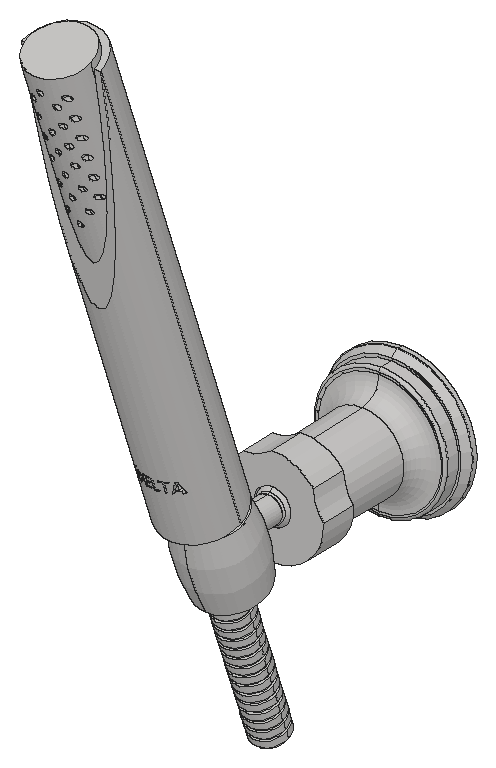
Revit family "Delta Bath Trinsic 55085", category Plumbing Fixtures, host Wall, Revit 2013
Parameters (values of type "Delta Bath Trinsic 55085")
  URL = "http://www.deltafaucet.com "
  Tap = Stainless Steel
  Model = "55085"
  Manufacturer = "Delta"
Reference planes (in)
  plane 1: y = 0
  plane 2 "Center (Left/Right)": x = 0
  plane 3 "Wall Edge": y = 3
Text (in)
  text "Placement Side" at (0, 40.15149, 123.01588), in view "Right"
  text "Placement Side" at (-70.3804, 28.46503, 0), in view "Ref. Level"
  text "Placement Side" at (0, 81.62555, 140.59947), in view "Left"
Dimensions and locks (in)
  locked: plane 3 "Wall Edge" to host wall
  aligned and locked: host wall to nested 1
Nested families (in)
  nested 1: "Delta Bath Trinsic 55085" at (-10.0596, -5.40551, 14.6087), type "Delta Bath Trinsic 55085"
Connectors (in)
  piping at (0, -3, 14.6087)
    settings: on nested 1, index 1, connector radius 12", flow factor 0, pipe flow 0 GPM, pressure drop 0.00 psi, fitting loss kfactor 0, connector angle 0.00°, fixture units 0, engagement length 0' - 0", flow configuration 0, flow direction 0, fitting loss method 0, system type 19, joint type 0, gender type 0, connector reference index -1, connector utility 0, adjustable connector no, is connector primary yes, fitting loss table "", connector description ""
Definition of nested family "Delta Bath Trinsic 55085"
  Parameters (values of type "Delta Bath Trinsic 55085")
    URL = "http://www.deltafaucet.com "
    Tap = Stainless Steel
    Model = "55085"
    Manufacturer = "Delta"
    Logo = none
  Reference planes (in)
    plane 1 "Center (Front/Back)": y = 0
    plane 2: z = 0
    plane 3 "Center (Left/Right)": x = 0
  Forms (in)
    Sweep 1, solid, material "Stainless Steel" <- "Tap"
      path origin (10.03937, -33.30454, -19.49842) x (0, 0.984648, -0.174554) y (0, 0.174554, 0.984648)
        loop
          line (27.96387, 25.33209) -> (24.06673, 32.08213)
      profile origin (10.03937, -2.67769, 4.22689) x (0, -0.940007, -0.341156) y (1, 0, 0)
        loop
          circle (0, 0.00895) r 0.47244
    Sweep 2, solid, material "Stainless Steel" <- "Tap"
      path origin (10.03937, -33.29947, -19.49658) x (0, 0.984648, -0.174554) y (0, 0.174554, 0.984648)
        loop
          line (27.96387, 25.33209) -> (24.12529, 31.98071)
      profile origin (10.03937, -2.65264, 4.17369) x (0, -0.940007, -0.341156) y (1, 0, 0)
        loop
          circle (0, 0) r 0.59055
    Extrusion 3, void
      sketch origin (0, -11.98124, 1.55869) x (0, 0.984648, -0.174554) y (0, 0.174554, 0.984648)
        loop
          line (6.80963, 7.5275) -> (6.27626, 7.21956) -> (8.22053, 3.85199) -> (6.80963, 7.5275)
      from 9.38005 to 10.72254
    Extrusion 4, void
      sketch origin (0, -1.5373, -0.53017) x (1, 0, 0) y (0, 0.174554, 0.984648)
        loop
          circle (9.727, 7.38575) r 0.0493
      from 3.94617 to 4.11832
    Extrusion 5, void
      sketch origin (0.31598, -1.5373, -0.53017) x (1, 0, 0) y (0, 0.174554, 0.984648)
        loop
          circle (9.727, 7.38575) r 0.0493
      from 3.94617 to 4.27092
    Extrusion 6, void
      sketch origin (20.07846, -1.5373, -0.53017) x (-1, 0, 0) y (0, -0.174554, -0.984648)
        loop
          circle (9.727, -7.38575) r 0.0493
      from 3.94617 to 4.11832
    Extrusion 7, void
      sketch origin (0.13752, -1.5633, -0.67683) x (1, 0, 0) y (0, 0.174554, 0.984648)
        loop
          circle (9.727, 7.38575) r 0.0493
      from 3.94617 to 4.11832
    Extrusion 8, void
      sketch origin (-0.01379, -1.58757, -0.8137) x (1, 0, 0) y (0, 0.174554, 0.984648)
        loop
          circle (9.727, 7.38575) r 0.0493
      from 3.7609 to 3.91717
    Extrusion 9, void
      sketch origin (19.94845, -1.5633, -0.67683) x (-1, 0, 0) y (0, -0.174554, -0.984648)
        loop
          circle (9.727, -7.38575) r 0.0493
      from 3.94617 to 4.11832
    Extrusion 10, void
      sketch origin (0.63827, -1.58757, -0.8137) x (1, 0, 0) y (0, 0.174554, 0.984648)
        loop
          circle (9.727, 7.38575) r 0.0493
      from 3.7609 to 3.99066
    Extrusion 11, void
      sketch origin (19.94845, 0.96625, 13.59222) x (-1, 0, 0) y (0, -0.174554, -0.984648)
        loop
          circle (9.727, 7.38575) r 0.0493
      from 3.82247 to 3.99066
    Extrusion 12, void
      sketch origin (0.13752, 0.96625, 13.59222) x (1, 0, 0) y (0, 0.174554, 0.984648)
        loop
          circle (9.727, -7.38575) r 0.0493
      from 3.82247 to 3.99066
    Extrusion 13, void
      sketch origin (0.31598, 0.94025, 13.44556) x (1, 0, 0) y (0, 0.174554, 0.984648)
        loop
          circle (9.727, -7.38575) r 0.0493
      from 3.7609 to 3.94617
    Extrusion 14, void
      sketch origin (19.94845, -1.66418, -1.24586) x (-1, 0, 0) y (0, -0.174554, -0.984648)
        loop
          circle (9.727, -7.38575) r 0.0493
      from 3.66513 to 3.82247
    Extrusion 15, void
      sketch origin (0.63827, 0.88964, 13.16006) x (1, 0, 0) y (0, 0.174554, 0.984648)
        loop
          circle (9.727, -7.38575) r 0.0493
      from 3.47176 to 3.7609
    Extrusion 16, void
      sketch origin (0.13752, -1.66418, -1.24586) x (1, 0, 0) y (0, 0.174554, 0.984648)
        loop
          circle (9.727, 7.38575) r 0.0493
      from 3.66513 to 3.82247
    Extrusion 17, void
      sketch origin (19.4477, 0.88105, 13.1116) x (-1, 0, 0) y (0, -0.174554, -0.984648)
        loop
          circle (9.727, 7.38575) r 0.0493
      from 3.41032 to 3.7609
    Extrusion 18, void
      sketch origin (-0.01379, -1.63801, -1.09821) x (1, 0, 0) y (0, 0.174554, 0.984648)
        loop
          circle (9.727, 7.38575) r 0.0493
      from 3.62028 to 3.7609
    Extrusion 19, void
      sketch origin (0.64183, -1.63801, -1.09821) x (1, 0, 0) y (0, 0.174554, 0.984648)
        loop
          circle (9.727, 7.38575) r 0.0493
      from 3.62028 to 3.7609
    Extrusion 20, void
      sketch origin (0.31598, 0.88981, 13.16104) x (1, 0, 0) y (0, 0.174554, 0.984648)
        loop
          circle (9.727, -7.38575) r 0.0493
      from 3.62028 to 3.82247
    Extrusion 21, void
      sketch origin (19.94845, -1.71462, -1.53038) x (-1, 0, 0) y (0, -0.174554, -0.984648)
        loop
          circle (9.727, -7.38575) r 0.0493
      from 3.47176 to 3.66513
    Extrusion 22, void
      sketch origin (0.63827, 0.8392, 12.87554) x (1, 0, 0) y (0, 0.174554, 0.984648)
        loop
          circle (9.727, -7.38575) r 0.0493
      from 3.29107 to 3.47176
    Extrusion 23, void
      sketch origin (0.13752, -1.71891, -1.5546) x (1, 0, 0) y (0, 0.174554, 0.984648)
        loop
          circle (9.727, 7.38575) r 0.0493
      from 3.47176 to 3.64454
    Extrusion 24, void
      sketch origin (0.31598, 0.83079, 12.82807) x (1, 0, 0) y (0, 0.174554, 0.984648)
        loop
          circle (9.727, -7.38575) r 0.0493
      from 3.44453 to 3.59626
    Extrusion 25, void
      sketch origin (19.94845, -1.77365, -1.86335) x (-1, 0, 0) y (0, -0.174554, -0.984648)
        loop
          circle (9.727, -7.38575) r 0.0493
      from 3.29107 to 3.47176
    Extrusion 26, void
      sketch origin (0.63827, 0.78876, 12.59103) x (1, 0, 0) y (0, 0.174554, 0.984648)
        loop
          circle (9.727, -7.38575) r 0.0493
      from 3.1124 to 3.31448
    Extrusion 27, void
      sketch origin (19.4477, 0.82202, 12.77863) x (-1, 0, 0) y (0, -0.174554, -0.984648)
        loop
          circle (9.727, 7.38575) r 0.0493
      from 3.23426 to 3.40243
    Extrusion 28, void
      sketch origin (0.13752, -1.78224, -1.91181) x (1, 0, 0) y (0, 0.174554, 0.984648)
        loop
          circle (9.727, 7.38575) r 0.0493
      from 3.27165 to 3.42202
    Extrusion 29, void
      sketch origin (0.31598, 0.77176, 12.4951) x (1, 0, 0) y (0, 0.174554, 0.984648)
        loop
          circle (9.727, -7.38575) r 0.0493
      from 3.22197 to 3.35623
    Extrusion 30, void
      sketch origin (19.94845, -1.83267, -2.19632) x (-1, 0, 0) y (0, -0.174554, -0.984648)
        loop
          circle (9.727, -7.38575) r 0.0493
      from 3.09677 to 3.29107
    Extrusion 31, void
      sketch origin (0.31598, 0.70304, 12.10744) x (1, 0, 0) y (0, 0.174554, 0.984648)
        loop
          circle (9.727, -7.38575) r 0.0493
      from 3.00021 to 3.13216
    Extrusion 32, void
      sketch origin (0.13752, -1.85004, -2.29431) x (1, 0, 0) y (0, 0.174554, 0.984648)
        loop
          circle (9.727, 7.38575) r 0.0493
      from 3.19647 to 3.05159
    Revolve 33, solid, material "Stainless Steel" <- "Tap"
      sketch origin (10.0596, 2.40551, -1.1122) x (0, 1, 0) y (0, 0, 1)
        loop
          line (-0.07874, 1.1122) -> (0, 1.1122) -> (0, 2.22441) -> (-0.07874, 2.22441) -> (-0.07874, 1.1122)
        axis (0, 1.1122) -> (-0.07874, 1.1122)
      angle from 0 to 360
    Revolve 34, solid, material "Stainless Steel" <- "Tap"
      sketch origin (10.0596, 2.40551, -1.1122) x (0, 1, 0) y (0, 0, 1)
        loop
          line (-0.19685, 1.1122) -> (-0.07874, 1.1122) -> (-0.07874, 2.22441) -> (-0.19685, 2.15157) -> (-0.19685, 1.1122)
        axis (-0.07874, 1.1122) -> (-0.19685, 1.1122)
      angle from 0 to 360
    Revolve 35, solid, material "Stainless Steel" <- "Tap"
      sketch origin (10.0596, 2.40551, -1.1122) x (0, 1, 0) y (0, 0, 1)
        loop
          line (-0.19685, 1.1122) -> (-0.19685, 2.11163) -> (-0.39404, 2.10819)
          arc (-0.39404, 2.10819) -> (-0.42164, 2.09675) -> (-0.43307, 2.06915) r 0.03903
          line (-0.43307, 2.06915) -> (-0.43307, 1.1122) -> (-0.19685, 1.1122)
        axis (-0.19685, 1.1122) -> (-0.43307, 1.1122)
      angle from 0 to 360
    Revolve 36, solid, material "Stainless Steel" <- "Tap"
      sketch origin (10.0596, 2.40551, -1.1122) x (0, 1, 0) y (0, 0, 1)
        loop
          arc (-0.43307, 2.03343) -> (-0.52409, 1.81368) -> (-0.74384, 1.72266) r 0.31077
          line (-0.74384, 1.72266) -> (-1.85433, 1.70328) -> (-1.85433, 1.1122) -> (-0.43307, 1.1122) -> (-0.43307, 2.03343)
        axis (-0.43307, 1.1122) -> (-1.85433, 1.1122)
      angle from 0 to 360
    Sweep 37, solid, material "Stainless Steel" <- "Tap"
      path origin (10.0596, 2.40551, -1.1122) x (0, 1, 0) y (0, 0, 1)
        loop
          line (-1.85433, 1.1122) -> (-2.40551, 1.1122)
      profile origin (10.0596, 0.27559, 0) x (0, 0, -1) y (1, 0, 0)
        loop
          arc (-0.59106, -0.45351) -> (0, -0.745) -> (0.59106, -0.45351) r 0.745
          arc (0.59106, -0.45351) -> (0.63819, -0.23228) -> (0.74429, -0.03252) r 0.81531
          arc (0.74429, -0.03252) -> (0.52679, 0.52679) -> (-0.03252, 0.74429) r 0.745
          arc (-0.03252, 0.74429) -> (-0.23228, 0.63819) -> (-0.45351, 0.59106) r 0.81531
          arc (-0.45351, 0.59106) -> (-0.6752, 0.31485) -> (-0.74429, -0.03252) r 0.745
          arc (-0.74429, -0.03252) -> (-0.63819, -0.23228) -> (-0.59106, -0.45351) r 0.81531
    Revolve 38, solid, material "Stainless Steel" <- "Tap"
      sketch origin (10.03937, -1.33465, 0) x (0, 1, 0) y (0, 0, 1)
        loop
          arc (1.37814, 0.27585) -> (1.32926, 0.24935) -> (1.28611, 0.21429) r 0.3
          arc (1.28611, 0.21429) -> (1.27003, 0.20371) -> (1.25111, 0.20015) r 0.04902
          line (1.25111, 0.20015) -> (1.25111, 0) -> (1.37814, 0) -> (1.37814, 0.27585)
        axis (1.37814, 0) -> (1.25111, 0)
      angle from 0 to 360
    Revolve 39, solid, material "Stainless Steel" <- "Tap"
      sketch origin (10.03937, -1.33465, 0) x (0, 1, 0) y (0, 0, 1)
        loop
          line (1.25111, 0) -> (1.25111, 0.20015) -> (0.85957, 0.20015) -> (0.85957, 0) -> (1.25111, 0)
        axis (1.25111, 0) -> (0.85957, 0)
      angle from 0 to 360
    Revolve 40, solid, material "Stainless Steel" <- "Tap"
      sketch origin (10.03937, -1.33465, 0) x (0, 1, 0) y (0, 0, 1)
        loop
          line (0.56947, -0.69703) -> (1.05045, -0.52197)
          arc (1.05045, -0.52197) -> (0.90736, 0.08266) -> (0.62833, 0.63781) r 2.6687
          line (0.62833, 0.63781) -> (0.14735, 0.46274) -> (0.56947, -0.69703)
        axis (0.56947, -0.69703) -> (0.14735, 0.46274)
      angle from 0 to 360
    Extrusion 41, void
      sketch origin (0, 0, 0) x (1, 0, 0) y (0, 0, 1)
        loop
          circle (10.03937, 0) r 0.27585
      from -0.04349 to 0.08353
    Sweep 42, solid, material "Stainless Steel" <- "Tap"
      path origin (0, -0.06547, 0.069) x (0, 0.996211, 0.086964) y (0, -0.086964, 0.996211)
        loop
          line (-0.78938, -0.97204) -> (-0.77522, -1.02488)
      profile origin (0, -0.75799, -0.99371) x (0, 0.939759, 0.341839) y (1, 0, 0)
        loop
          circle (0, 10.02707) r 0.23622
    Sweep 43, solid, material "Stainless Steel" <- "Tap"
      path origin (0, -0.1073, 0.112) x (0, 0.996211, 0.086964) y (0, -0.086964, 0.996211)
        loop
          line (-0.80101, -0.92866) -> (-0.77522, -1.02488)
      profile origin (0, -0.80749, -0.92961) x (0, 0.939759, 0.341839) y (1, 0, 0)
        loop
          circle (0.02461, 10.02707) r 0.27559
    Sweep 44, solid, material "Stainless Steel" <- "Tap"
      path origin (0, -0.11823, 0.21403) x (0, 0.996211, 0.086964) y (0, -0.086964, 0.996211)
        loop
          line (-0.78938, -0.97204) -> (-0.77522, -1.02488)
      profile origin (0, -0.81074, -0.84868) x (0, 0.939759, 0.341839) y (1, 0, 0)
        loop
          circle (0, 10.02707) r 0.23622
    Sweep 45, solid, material "Stainless Steel" <- "Tap"
      path origin (0, -0.16006, 0.25703) x (0, 0.996211, 0.086964) y (0, -0.086964, 0.996211)
        loop
          line (-0.80101, -0.92866) -> (-0.77522, -1.02488)
      profile origin (0, -0.86024, -0.78458) x (0, 0.939759, 0.341839) y (1, 0, 0)
        loop
          circle (0.02461, 10.02707) r 0.27559
    Sweep 46, solid, material "Stainless Steel" <- "Tap"
      path origin (0, -0.01272, -0.07604) x (0, 0.996211, 0.086964) y (0, -0.086964, 0.996211)
        loop
          line (-0.78938, -0.97204) -> (-0.77522, -1.02488)
      profile origin (0, -0.70523, -1.13875) x (0, 0.939759, 0.341839) y (1, 0, 0)
        loop
          circle (0, 10.02707) r 0.23622
    Sweep 47, solid, material "Stainless Steel" <- "Tap"
      path origin (0, -0.05454, -0.03303) x (0, 0.996211, 0.086964) y (0, -0.086964, 0.996211)
        loop
          line (-0.80101, -0.92866) -> (-0.77522, -1.02488)
      profile origin (0, -0.75473, -1.07464) x (0, 0.939759, 0.341839) y (1, 0, 0)
        loop
          circle (0.02461, 10.02707) r 0.27559
    Sweep 48, solid, material "Stainless Steel" <- "Tap"
      path origin (0, 0.04004, -0.22107) x (0, 0.996211, 0.086964) y (0, -0.086964, 0.996211)
        loop
          line (-0.78938, -0.97204) -> (-0.77522, -1.02488)
      profile origin (0, -0.65247, -1.28378) x (0, 0.939759, 0.341839) y (1, 0, 0)
        loop
          circle (0, 10.02707) r 0.23622
    Sweep 49, solid, material "Stainless Steel" <- "Tap"
      path origin (0, -0.00179, -0.17807) x (0, 0.996211, 0.086964) y (0, -0.086964, 0.996211)
        loop
          line (-0.80101, -0.92866) -> (-0.77522, -1.02488)
      profile origin (0, -0.70198, -1.21967) x (0, 0.939759, 0.341839) y (1, 0, 0)
        loop
          circle (0.02461, 10.02707) r 0.27559
    Sweep 50, solid, material "Stainless Steel" <- "Tap"
      path origin (0, 0.09279, -0.3661) x (0, 0.996211, 0.086964) y (0, -0.086964, 0.996211)
        loop
          line (-0.78938, -0.97204) -> (-0.77522, -1.02488)
      profile origin (0, -0.59972, -1.42881) x (0, 0.939759, 0.341839) y (1, 0, 0)
        loop
          circle (0, 10.02707) r 0.23622
    Sweep 51, solid, material "Stainless Steel" <- "Tap"
      path origin (0, 0.05097, -0.3231) x (0, 0.996211, 0.086964) y (0, -0.086964, 0.996211)
        loop
          line (-0.80101, -0.92866) -> (-0.77522, -1.02488)
      profile origin (0, -0.64922, -1.36471) x (0, 0.939759, 0.341839) y (1, 0, 0)
        loop
          circle (0.02461, 10.02707) r 0.27559
    Sweep 52, solid, material "Stainless Steel" <- "Tap"
      path origin (0, 0.14555, -0.51113) x (0, 0.996211, 0.086964) y (0, -0.086964, 0.996211)
        loop
          line (-0.78938, -0.97204) -> (-0.77522, -1.02488)
      profile origin (0, -0.54696, -1.57385) x (0, 0.939759, 0.341839) y (1, 0, 0)
        loop
          circle (0, 10.02707) r 0.23622
    Sweep 53, solid, material "Stainless Steel" <- "Tap"
      path origin (0, 0.10372, -0.46813) x (0, 0.996211, 0.086964) y (0, -0.086964, 0.996211)
        loop
          line (-0.80101, -0.92866) -> (-0.77522, -1.02488)
      profile origin (0, -0.59646, -1.50974) x (0, 0.939759, 0.341839) y (1, 0, 0)
        loop
          circle (0.02461, 10.02707) r 0.27559
    Sweep 54, solid, material "Stainless Steel" <- "Tap"
      path origin (0, 0.19831, -0.65617) x (0, 0.996211, 0.086964) y (0, -0.086964, 0.996211)
        loop
          line (-0.78938, -0.97204) -> (-0.77522, -1.02488)
      profile origin (0, -0.49421, -1.71888) x (0, 0.939759, 0.341839) y (1, 0, 0)
        loop
          circle (0, 10.02707) r 0.23622
    Sweep 55, solid, material "Stainless Steel" <- "Tap"
      path origin (0, 0.15648, -0.61317) x (0, 0.996211, 0.086964) y (0, -0.086964, 0.996211)
        loop
          line (-0.80101, -0.92866) -> (-0.77522, -1.02488)
      profile origin (0, -0.54371, -1.65477) x (0, 0.939759, 0.341839) y (1, 0, 0)
        loop
          circle (0.02461, 10.02707) r 0.27559
    Sweep 56, solid, material "Stainless Steel" <- "Tap"
      path origin (0, 0.25106, -0.8012) x (0, 0.996211, 0.086964) y (0, -0.086964, 0.996211)
        loop
          line (-0.78938, -0.97204) -> (-0.77522, -1.02488)
      profile origin (0, -0.44145, -1.86391) x (0, 0.939759, 0.341839) y (1, 0, 0)
        loop
          circle (0, 10.02707) r 0.23622
    Sweep 57, solid, material "Stainless Steel" <- "Tap"
      path origin (0, 0.20924, -0.7582) x (0, 0.996211, 0.086964) y (0, -0.086964, 0.996211)
        loop
          line (-0.80101, -0.92866) -> (-0.77522, -1.02488)
      profile origin (0, -0.49095, -1.79981) x (0, 0.939759, 0.341839) y (1, 0, 0)
        loop
          circle (0.02461, 10.02707) r 0.27559
    Sweep 58, solid, material "Stainless Steel" <- "Tap"
      path origin (0, 0.30382, -0.94623) x (0, 0.996211, 0.086964) y (0, -0.086964, 0.996211)
        loop
          line (-0.78938, -0.97204) -> (-0.77522, -1.02488)
      profile origin (0, -0.38869, -2.00894) x (0, 0.939759, 0.341839) y (1, 0, 0)
        loop
          circle (0, 10.02707) r 0.23622
    Sweep 59, solid, material "Stainless Steel" <- "Tap"
      path origin (0, 0.26199, -0.90323) x (0, 0.996211, 0.086964) y (0, -0.086964, 0.996211)
        loop
          line (-0.80101, -0.92866) -> (-0.77522, -1.02488)
      profile origin (0, -0.4382, -1.94484) x (0, 0.939759, 0.341839) y (1, 0, 0)
        loop
          circle (0.02461, 10.02707) r 0.27559
    Sweep 60, solid, material "Stainless Steel" <- "Tap"
      path origin (0, 0.35657, -1.09127) x (0, 0.996211, 0.086964) y (0, -0.086964, 0.996211)
        loop
          line (-0.78938, -0.97204) -> (-0.77522, -1.02488)
      profile origin (0, -0.33594, -2.15398) x (0, 0.939759, 0.341839) y (1, 0, 0)
        loop
          circle (0, 10.02707) r 0.23622
    Sweep 61, solid, material "Stainless Steel" <- "Tap"
      path origin (0, 0.31475, -1.04826) x (0, 0.996211, 0.086964) y (0, -0.086964, 0.996211)
        loop
          line (-0.80101, -0.92866) -> (-0.77522, -1.02488)
      profile origin (0, -0.38544, -2.08987) x (0, 0.939759, 0.341839) y (1, 0, 0)
        loop
          circle (0.02461, 10.02707) r 0.27559
    Sweep 62, solid, material "Stainless Steel" <- "Tap"
      path origin (0, 0.40933, -1.2363) x (0, 0.996211, 0.086964) y (0, -0.086964, 0.996211)
        loop
          line (-0.78938, -0.97204) -> (-0.77522, -1.02488)
      profile origin (0, -0.28318, -2.29901) x (0, 0.939759, 0.341839) y (1, 0, 0)
        loop
          circle (0, 10.02707) r 0.23622
    Sweep 63, solid, material "Stainless Steel" <- "Tap"
      path origin (0, 0.3675, -1.1933) x (0, 0.996211, 0.086964) y (0, -0.086964, 0.996211)
        loop
          line (-0.80101, -0.92866) -> (-0.77522, -1.02488)
      profile origin (0, -0.33268, -2.23491) x (0, 0.939759, 0.341839) y (1, 0, 0)
        loop
          circle (0.02461, 10.02707) r 0.27559
    Sweep 64, solid, material "Stainless Steel" <- "Tap"
      path origin (0, 0.46209, -1.38133) x (0, 0.996211, 0.086964) y (0, -0.086964, 0.996211)
        loop
          line (-0.78938, -0.97204) -> (-0.77522, -1.02488)
      profile origin (0, -0.23043, -2.44404) x (0, 0.939759, 0.341839) y (1, 0, 0)
        loop
          circle (0, 10.02707) r 0.23622
    Sweep 65, solid, material "Stainless Steel" <- "Tap"
      path origin (0, 0.42026, -1.33833) x (0, 0.996211, 0.086964) y (0, -0.086964, 0.996211)
        loop
          line (-0.80101, -0.92866) -> (-0.77522, -1.02488)
      profile origin (0, -0.27993, -2.37994) x (0, 0.939759, 0.341839) y (1, 0, 0)
        loop
          circle (0.02461, 10.02707) r 0.27559
    Sweep 66, solid, material "Stainless Steel" <- "Tap"
      path origin (0, 0.51484, -1.52636) x (0, 0.996211, 0.086964) y (0, -0.086964, 0.996211)
        loop
          line (-0.78938, -0.97204) -> (-0.77522, -1.02488)
      profile origin (0, -0.17767, -2.58908) x (0, 0.939759, 0.341839) y (1, 0, 0)
        loop
          circle (0, 10.02707) r 0.23622
    Sweep 67, solid, material "Stainless Steel" <- "Tap"
      path origin (0, 0.47302, -1.48336) x (0, 0.996211, 0.086964) y (0, -0.086964, 0.996211)
        loop
          line (-0.80101, -0.92866) -> (-0.77522, -1.02488)
      profile origin (0, -0.22717, -2.52497) x (0, 0.939759, 0.341839) y (1, 0, 0)
        loop
          circle (0.02461, 10.02707) r 0.27559
    Sweep 68, solid, material "Stainless Steel" <- "Tap"
      path origin (0, 0.5676, -1.6714) x (0, 0.996211, 0.086964) y (0, -0.086964, 0.996211)
        loop
          line (-0.78938, -0.97204) -> (-0.77522, -1.02488)
      profile origin (0, -0.12491, -2.73411) x (0, 0.939759, 0.341839) y (1, 0, 0)
        loop
          circle (0, 10.02707) r 0.23622
    Sweep 69, solid, material "Stainless Steel" <- "Tap"
      path origin (0, 0.52577, -1.6284) x (0, 0.996211, 0.086964) y (0, -0.086964, 0.996211)
        loop
          line (-0.80101, -0.92866) -> (-0.77522, -1.02488)
      profile origin (0, -0.17442, -2.67) x (0, 0.939759, 0.341839) y (1, 0, 0)
        loop
          circle (0.02461, 10.02707) r 0.27559
    Sweep 70, solid, material "Stainless Steel" <- "Tap"
      path origin (0, 0.62035, -1.81643) x (0, 0.996211, 0.086964) y (0, -0.086964, 0.996211)
        loop
          line (-0.78938, -0.97204) -> (-0.77522, -1.02488)
      profile origin (0, -0.07216, -2.87914) x (0, 0.939759, 0.341839) y (1, 0, 0)
        loop
          circle (0, 10.02707) r 0.23622
    Sweep 71, solid, material "Stainless Steel" <- "Tap"
      path origin (0, 0.57853, -1.77343) x (0, 0.996211, 0.086964) y (0, -0.086964, 0.996211)
        loop
          line (-0.80101, -0.92866) -> (-0.77522, -1.02488)
      profile origin (0, -0.12166, -2.81504) x (0, 0.939759, 0.341839) y (1, 0, 0)
        loop
          circle (0.02461, 10.02707) r 0.27559
    Sweep 72, solid, material "Stainless Steel" <- "Tap"
      path origin (0, 0.67311, -1.96146) x (0, 0.996211, 0.086964) y (0, -0.086964, 0.996211)
        loop
          line (-0.78938, -0.97204) -> (-0.77522, -1.02488)
      profile origin (0, -0.0194, -3.02418) x (0, 0.939759, 0.341839) y (1, 0, 0)
        loop
          circle (0, 10.02707) r 0.23622
    Sweep 73, solid, material "Stainless Steel" <- "Tap"
      path origin (0, 0.63128, -1.91846) x (0, 0.996211, 0.086964) y (0, -0.086964, 0.996211)
        loop
          line (-0.80101, -0.92866) -> (-0.77522, -1.02488)
      profile origin (0, -0.0689, -2.96007) x (0, 0.939759, 0.341839) y (1, 0, 0)
        loop
          circle (0.02461, 10.02707) r 0.27559
    Revolve 74, solid, material "Stainless Steel" <- "Tap"
      sketch origin (10.03937, 0, 0) x (0, 1, 0) y (0, 0, 1)
        loop
          line (-1.3429, 0.56489) -> (-1.29187, 0.42468) -> (-0.95113, 0.5487) -> (-1.00216, 0.68891) -> (-1.3429, 0.56489)
        axis (-1.3429, 0.56489) -> (-1.29187, 0.42468)
      angle from 0 to 360
    Extrusion 75, void
      sketch origin (0, 0.26261, 0.66945) x (1, 0, 0) y (0, -0.275637, 0.961262)
        loop
          line (10.02265, 1.36906) -> (10.02265, 1.16915) -> (10.11658, 1.16915) -> (10.11658, 1.20065) -> (10.05415, 1.20065) -> (10.05415, 1.36906) -> (10.02265, 1.36906)
        loop
          line (9.89297, 1.16896) -> (9.99139, 1.16896) -> (9.99139, 1.20045) -> (9.92446, 1.20045) -> (9.92446, 1.25316) -> (9.99139, 1.25316) -> (9.99139, 1.28466) -> (9.92446, 1.28466) -> (9.92446, 1.33736) -> (9.99139, 1.33736) -> (9.99139, 1.36886) -> (9.89297, 1.36886) -> (9.89297, 1.16896)
        loop
          arc (9.84867, 1.3196) -> (9.82829, 1.35491) -> (9.78997, 1.36886) r 0.05961
          line (9.78997, 1.36886) -> (9.72698, 1.36886) -> (9.72698, 1.16896) -> (9.78997, 1.16896)
          arc (9.78997, 1.16896) -> (9.82829, 1.1829) -> (9.84867, 1.21822) r 0.05961
          arc (9.84867, 1.21822) -> (9.85311, 1.26891) -> (9.84867, 1.3196) r 0.29193
        loop
          arc (9.81766, 1.22368) -> (9.82161, 1.26891) -> (9.81766, 1.31413) r 0.26043
          arc (9.81766, 1.31413) -> (9.80804, 1.33079) -> (9.78997, 1.33736) r 0.02812
          line (9.78997, 1.33736) -> (9.75847, 1.33736) -> (9.75847, 1.20045) -> (9.78997, 1.20045)
          arc (9.78997, 1.20045) -> (9.80804, 1.20703) -> (9.81766, 1.22368) r 0.02812
        loop
          line (10.17563, 1.33736) -> (10.17563, 1.16896) -> (10.20713, 1.16896) -> (10.20713, 1.33736) -> (10.26619, 1.33736) -> (10.26619, 1.36886) -> (10.11658, 1.36886) -> (10.11658, 1.33736) -> (10.17563, 1.33736)
        loop
          line (10.32016, 1.36886) -> (10.2591, 1.16896) -> (10.29203, 1.16896) -> (10.30435, 1.20928) -> (10.36747, 1.20928) -> (10.37979, 1.16896) -> (10.41272, 1.16896) -> (10.35166, 1.36886) -> (10.32016, 1.36886)
        loop
          line (10.31397, 1.24078) -> (10.35316, 1.24078) -> (10.33357, 1.30493) -> (10.31397, 1.24078)
      from 1.95895 to 2.54186
  Cuts and joins
    Extrusion 3, Extrusion 4, Extrusion 10, Extrusion 14, Extrusion 15, Extrusion 16, Extrusion 17, Extrusion 18, Extrusion 19, Extrusion 20, Extrusion 21, Extrusion 22, Extrusion 23, Extrusion 24, Extrusion 25, Extrusion 26, Extrusion 27, Extrusion 28, Extrusion 29, Extrusion 30, Extrusion 31, Extrusion 32, Extrusion 75 cuts Sweep 2
    Extrusion 4, Extrusion 5, Extrusion 6, Extrusion 7, Extrusion 8, Extrusion 9, Extrusion 10, Extrusion 11, Extrusion 12, Extrusion 13, Extrusion 14, Extrusion 15, Extrusion 16, Extrusion 17, Extrusion 18, Extrusion 19, Extrusion 20, Extrusion 21, Extrusion 22, Extrusion 23, Extrusion 24, Extrusion 25, Extrusion 26, Extrusion 27, Extrusion 28, Extrusion 29, Extrusion 30, Extrusion 31, Extrusion 32, Extrusion 75 cuts Sweep 1
    Extrusion 41 cuts Sweep 37
    Extrusion 41 cuts Revolve 40
